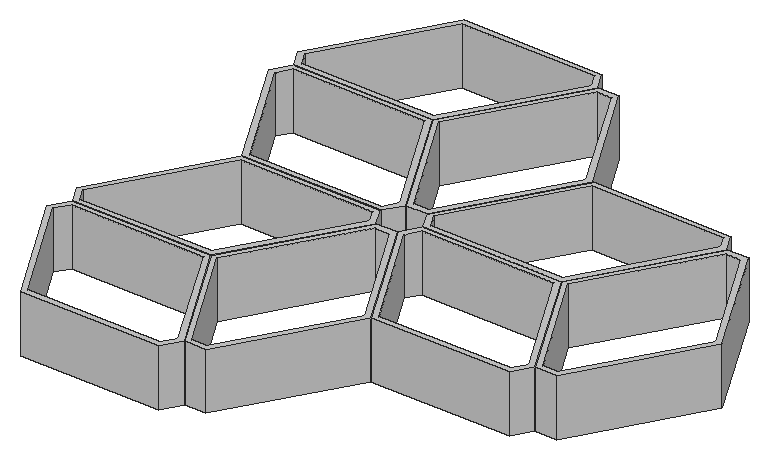
Revit family "CLD-CON-008_RTV", category Modelos genéricos, Revit 2022 (continued)
Forms (in)
  Extrusion 309, solid, not visible
    sketch origin (-26.63338, 0.00149, -1.20924) x (0, 1, 0) y (0, 0, -1)
      loop
        line (0.96881, 1.14538) -> (0.96881, -1.85462) -> (0.65631, -1.85462) -> (0.65631, -2.35462) -> (0.96881, -2.35462) -> (3.48948, -2.35462) -> (3.48948, -0.60462) -> (4.19814, -0.60462) -> (4.19814, -2.35462) -> (9.23948, -2.35462) -> (9.23948, -0.60462) -> (9.94814, -0.60462) -> (9.94814, -2.35462) -> (14.98948, -2.35462) -> (14.98948, -0.60462) -> (15.69814, -0.60462) -> (15.69814, -2.35462) -> (20.73948, -2.35462) -> (20.73948, -0.60462) -> (21.44814, -0.60462) -> (21.44814, -2.35462) -> (24.28131, -2.35462) -> (24.28131, -1.85462) -> (23.96881, -1.85462) -> (23.96881, 1.14538) -> (0.96881, 1.14538)
    from -3.96341 to -3.49097
  Extrusion 310, solid, not visible
    sketch origin (-44, 0, 0) x (1, 0, 0) y (0, 0, 1)
      loop
        line (0.96881, 0.64538) -> (0.96881, -2.35462) -> (3.48948, -2.35462) -> (3.48948, -0.60462) -> (4.19814, -0.60462) -> (4.19814, -2.35462) -> (9.23948, -2.35462) -> (9.23948, -0.60462) -> (9.94814, -0.60462) -> (9.94814, -2.35462) -> (14.98948, -2.35462) -> (14.98948, -0.60462) -> (15.69814, -0.60462) -> (15.69814, -2.35462) -> (20.73948, -2.35462) -> (20.73948, -0.60462) -> (21.44814, -0.60462) -> (21.44814, -2.35462) -> (23.96881, -2.35462) -> (23.96881, 0.64538) -> (24.28131, 0.64538) -> (24.28131, 1.14538) -> (0.65631, 1.14538) -> (0.65631, 0.64538) -> (0.96881, 0.64538)
    from -3.60908 to -3.49097
  Extrusion 311, solid, not visible
    sketch origin (-44, 0, 0) x (1, 0, 0) y (0, 0, 1)
      loop
        line (0.96881, 0.64538) -> (0.96881, -2.35462) -> (3.48948, -2.35462) -> (3.48948, -0.60462) -> (4.19814, -0.60462) -> (4.19814, -2.35462) -> (9.23948, -2.35462) -> (9.23948, -0.60462) -> (9.94814, -0.60462) -> (9.94814, -2.35462) -> (14.98948, -2.35462) -> (14.98948, -0.60462) -> (15.69814, -0.60462) -> (15.69814, -2.35462) -> (20.73948, -2.35462) -> (20.73948, -0.60462) -> (21.44814, -0.60462) -> (21.44814, -2.35462) -> (23.96881, -2.35462) -> (23.96881, 0.64538) -> (24.28131, 0.64538) -> (24.28131, 1.14538) -> (0.65631, 1.14538) -> (0.65631, 0.64538) -> (0.96881, 0.64538)
    from -4.08152 to -3.60908
  Extrusion 312, solid, not visible
    sketch origin (-44, 0, 0) x (1, 0, 0) y (0, 0, 1)
      loop
        line (0.96881, 0.64538) -> (0.96881, -2.35462) -> (3.48948, -2.35462) -> (3.48948, -0.60462) -> (4.19814, -0.60462) -> (4.19814, -2.35462) -> (9.23948, -2.35462) -> (9.23948, -0.60462) -> (9.94814, -0.60462) -> (9.94814, -2.35462) -> (14.98948, -2.35462) -> (14.98948, -0.60462) -> (15.69814, -0.60462) -> (15.69814, -2.35462) -> (20.73948, -2.35462) -> (20.73948, -0.60462) -> (21.44814, -0.60462) -> (21.44814, -2.35462) -> (23.96881, -2.35462) -> (23.96881, 0.64538) -> (24.28131, 0.64538) -> (24.28131, 1.14538) -> (0.65631, 1.14538) -> (0.65631, 0.64538) -> (0.96881, 0.64538)
    from -4.19963 to -4.08152
  Extrusion 313, solid, not visible
    sketch origin (-44.00149, 0.00149, -1.20924) x (0, 1, 0) y (0, 0, -1)
      loop
        line (0.96881, 1.14538) -> (0.96881, -1.85462) -> (0.65631, -1.85462) -> (0.65631, -2.35462) -> (0.96881, -2.35462) -> (3.48948, -2.35462) -> (3.48948, -0.60462) -> (4.19814, -0.60462) -> (4.19814, -2.35462) -> (9.23948, -2.35462) -> (9.23948, -0.60462) -> (9.94814, -0.60462) -> (9.94814, -2.35462) -> (14.98948, -2.35462) -> (14.98948, -0.60462) -> (15.69814, -0.60462) -> (15.69814, -2.35462) -> (20.73948, -2.35462) -> (20.73948, -0.60462) -> (21.44814, -0.60462) -> (21.44814, -2.35462) -> (24.28131, -2.35462) -> (24.28131, -1.85462) -> (23.96881, -1.85462) -> (23.96881, 1.14538) -> (0.96881, 1.14538)
    from -3.60908 to -3.49097
  Extrusion 314, solid, not visible
    sketch origin (-43.88338, 0.00149, -1.20924) x (0, 1, 0) y (0, 0, -1)
      loop
        line (0.96881, 1.14538) -> (0.96881, -1.85462) -> (0.65631, -1.85462) -> (0.65631, -2.35462) -> (0.96881, -2.35462) -> (3.48948, -2.35462) -> (3.48948, -0.60462) -> (4.19814, -0.60462) -> (4.19814, -2.35462) -> (9.23948, -2.35462) -> (9.23948, -0.60462) -> (9.94814, -0.60462) -> (9.94814, -2.35462) -> (14.98948, -2.35462) -> (14.98948, -0.60462) -> (15.69814, -0.60462) -> (15.69814, -2.35462) -> (20.73948, -2.35462) -> (20.73948, -0.60462) -> (21.44814, -0.60462) -> (21.44814, -2.35462) -> (24.28131, -2.35462) -> (24.28131, -1.85462) -> (23.96881, -1.85462) -> (23.96881, 1.14538) -> (0.96881, 1.14538)
    from -3.96341 to -3.49097
  Extrusion 315, solid, not visible
    sketch origin (-44.00149, 0.00149, -1.20924) x (0, 1, 0) y (0, 0, -1)
      loop
        line (0.96881, 1.14538) -> (0.96881, -1.85462) -> (0.65631, -1.85462) -> (0.65631, -2.35462) -> (0.96881, -2.35462) -> (3.48948, -2.35462) -> (3.48948, -0.60462) -> (4.19814, -0.60462) -> (4.19814, -2.35462) -> (9.23948, -2.35462) -> (9.23948, -0.60462) -> (9.94814, -0.60462) -> (9.94814, -2.35462) -> (14.98948, -2.35462) -> (14.98948, -0.60462) -> (15.69814, -0.60462) -> (15.69814, -2.35462) -> (20.73948, -2.35462) -> (20.73948, -0.60462) -> (21.44814, -0.60462) -> (21.44814, -2.35462) -> (24.28131, -2.35462) -> (24.28131, -1.85462) -> (23.96881, -1.85462) -> (23.96881, 1.14538) -> (0.96881, 1.14538)
    from -4.19963 to -4.08152
  Extrusion 316, solid, not visible
    sketch origin (-44, 0, 0) x (1, 0, 0) y (0, 0, 1)
      loop
        line (0.96881, 0.64538) -> (0.96881, -2.35462) -> (3.48948, -2.35462) -> (3.48948, -0.60462) -> (4.19814, -0.60462) -> (4.19814, -2.35462) -> (9.23948, -2.35462) -> (9.23948, -0.60462) -> (9.94814, -0.60462) -> (9.94814, -2.35462) -> (14.98948, -2.35462) -> (14.98948, -0.60462) -> (15.69814, -0.60462) -> (15.69814, -2.35462) -> (20.73948, -2.35462) -> (20.73948, -0.60462) -> (21.44814, -0.60462) -> (21.44814, -2.35462) -> (23.96881, -2.35462) -> (23.96881, 0.64538) -> (24.28131, 0.64538) -> (24.28131, 1.14538) -> (0.65631, 1.14538) -> (0.65631, 0.64538) -> (0.96881, 0.64538)
    from -9.94963 to -9.83152
  Extrusion 317, solid, not visible
    sketch origin (-44, 0, 0) x (1, 0, 0) y (0, 0, 1)
      loop
        line (0.96881, 0.64538) -> (0.96881, -2.35462) -> (3.48948, -2.35462) -> (3.48948, -0.60462) -> (4.19814, -0.60462) -> (4.19814, -2.35462) -> (9.23948, -2.35462) -> (9.23948, -0.60462) -> (9.94814, -0.60462) -> (9.94814, -2.35462) -> (14.98948, -2.35462) -> (14.98948, -0.60462) -> (15.69814, -0.60462) -> (15.69814, -2.35462) -> (20.73948, -2.35462) -> (20.73948, -0.60462) -> (21.44814, -0.60462) -> (21.44814, -2.35462) -> (23.96881, -2.35462) -> (23.96881, 0.64538) -> (24.28131, 0.64538) -> (24.28131, 1.14538) -> (0.65631, 1.14538) -> (0.65631, 0.64538) -> (0.96881, 0.64538)
    from -9.35908 to -9.24097
  Extrusion 318, solid, not visible
    sketch origin (-44, 0, 0) x (1, 0, 0) y (0, 0, 1)
      loop
        line (0.96881, 0.64538) -> (0.96881, -2.35462) -> (3.48948, -2.35462) -> (3.48948, -0.60462) -> (4.19814, -0.60462) -> (4.19814, -2.35462) -> (9.23948, -2.35462) -> (9.23948, -0.60462) -> (9.94814, -0.60462) -> (9.94814, -2.35462) -> (14.98948, -2.35462) -> (14.98948, -0.60462) -> (15.69814, -0.60462) -> (15.69814, -2.35462) -> (20.73948, -2.35462) -> (20.73948, -0.60462) -> (21.44814, -0.60462) -> (21.44814, -2.35462) -> (23.96881, -2.35462) -> (23.96881, 0.64538) -> (24.28131, 0.64538) -> (24.28131, 1.14538) -> (0.65631, 1.14538) -> (0.65631, 0.64538) -> (0.96881, 0.64538)
    from -9.83152 to -9.35908
  Extrusion 319, solid, not visible
    sketch origin (-44, 0, 0) x (1, 0, 0) y (0, 0, 1)
      loop
        line (0.96881, 0.64538) -> (0.96881, -2.35462) -> (3.48948, -2.35462) -> (3.48948, -0.60462) -> (4.19814, -0.60462) -> (4.19814, -2.35462) -> (9.23948, -2.35462) -> (9.23948, -0.60462) -> (9.94814, -0.60462) -> (9.94814, -2.35462) -> (14.98948, -2.35462) -> (14.98948, -0.60462) -> (15.69814, -0.60462) -> (15.69814, -2.35462) -> (20.73948, -2.35462) -> (20.73948, -0.60462) -> (21.44814, -0.60462) -> (21.44814, -2.35462) -> (23.96881, -2.35462) -> (23.96881, 0.64538) -> (24.28131, 0.64538) -> (24.28131, 1.14538) -> (0.65631, 1.14538) -> (0.65631, 0.64538) -> (0.96881, 0.64538)
    from -15.69963 to -15.58152
  Extrusion 320, solid, not visible
    sketch origin (-44, 0, 0) x (1, 0, 0) y (0, 0, 1)
      loop
        line (0.96881, 0.64538) -> (0.96881, -2.35462) -> (3.48948, -2.35462) -> (3.48948, -0.60462) -> (4.19814, -0.60462) -> (4.19814, -2.35462) -> (9.23948, -2.35462) -> (9.23948, -0.60462) -> (9.94814, -0.60462) -> (9.94814, -2.35462) -> (14.98948, -2.35462) -> (14.98948, -0.60462) -> (15.69814, -0.60462) -> (15.69814, -2.35462) -> (20.73948, -2.35462) -> (20.73948, -0.60462) -> (21.44814, -0.60462) -> (21.44814, -2.35462) -> (23.96881, -2.35462) -> (23.96881, 0.64538) -> (24.28131, 0.64538) -> (24.28131, 1.14538) -> (0.65631, 1.14538) -> (0.65631, 0.64538) -> (0.96881, 0.64538)
    from -15.10908 to -14.99097
  Extrusion 321, solid, not visible
    sketch origin (-44, 0, 0) x (1, 0, 0) y (0, 0, 1)
      loop
        line (0.96881, 0.64538) -> (0.96881, -2.35462) -> (3.48948, -2.35462) -> (3.48948, -0.60462) -> (4.19814, -0.60462) -> (4.19814, -2.35462) -> (9.23948, -2.35462) -> (9.23948, -0.60462) -> (9.94814, -0.60462) -> (9.94814, -2.35462) -> (14.98948, -2.35462) -> (14.98948, -0.60462) -> (15.69814, -0.60462) -> (15.69814, -2.35462) -> (20.73948, -2.35462) -> (20.73948, -0.60462) -> (21.44814, -0.60462) -> (21.44814, -2.35462) -> (23.96881, -2.35462) -> (23.96881, 0.64538) -> (24.28131, 0.64538) -> (24.28131, 1.14538) -> (0.65631, 1.14538) -> (0.65631, 0.64538) -> (0.96881, 0.64538)
    from -15.58152 to -15.10908
  Extrusion 322, solid, not visible
    sketch origin (-44, 0, 0) x (1, 0, 0) y (0, 0, 1)
      loop
        line (0.96881, 0.64538) -> (0.96881, -2.35462) -> (3.48948, -2.35462) -> (3.48948, -0.60462) -> (4.19814, -0.60462) -> (4.19814, -2.35462) -> (9.23948, -2.35462) -> (9.23948, -0.60462) -> (9.94814, -0.60462) -> (9.94814, -2.35462) -> (14.98948, -2.35462) -> (14.98948, -0.60462) -> (15.69814, -0.60462) -> (15.69814, -2.35462) -> (20.73948, -2.35462) -> (20.73948, -0.60462) -> (21.44814, -0.60462) -> (21.44814, -2.35462) -> (23.96881, -2.35462) -> (23.96881, 0.64538) -> (24.28131, 0.64538) -> (24.28131, 1.14538) -> (0.65631, 1.14538) -> (0.65631, 0.64538) -> (0.96881, 0.64538)
    from -21.44963 to -21.33152
  Extrusion 323, solid, not visible
    sketch origin (-44, 0, 0) x (1, 0, 0) y (0, 0, 1)
      loop
        line (0.96881, 0.64538) -> (0.96881, -2.35462) -> (3.48948, -2.35462) -> (3.48948, -0.60462) -> (4.19814, -0.60462) -> (4.19814, -2.35462) -> (9.23948, -2.35462) -> (9.23948, -0.60462) -> (9.94814, -0.60462) -> (9.94814, -2.35462) -> (14.98948, -2.35462) -> (14.98948, -0.60462) -> (15.69814, -0.60462) -> (15.69814, -2.35462) -> (20.73948, -2.35462) -> (20.73948, -0.60462) -> (21.44814, -0.60462) -> (21.44814, -2.35462) -> (23.96881, -2.35462) -> (23.96881, 0.64538) -> (24.28131, 0.64538) -> (24.28131, 1.14538) -> (0.65631, 1.14538) -> (0.65631, 0.64538) -> (0.96881, 0.64538)
    from -20.85908 to -20.74097
  Extrusion 324, solid, not visible
    sketch origin (-44, 0, 0) x (1, 0, 0) y (0, 0, 1)
      loop
        line (0.96881, 0.64538) -> (0.96881, -2.35462) -> (3.48948, -2.35462) -> (3.48948, -0.60462) -> (4.19814, -0.60462) -> (4.19814, -2.35462) -> (9.23948, -2.35462) -> (9.23948, -0.60462) -> (9.94814, -0.60462) -> (9.94814, -2.35462) -> (14.98948, -2.35462) -> (14.98948, -0.60462) -> (15.69814, -0.60462) -> (15.69814, -2.35462) -> (20.73948, -2.35462) -> (20.73948, -0.60462) -> (21.44814, -0.60462) -> (21.44814, -2.35462) -> (23.96881, -2.35462) -> (23.96881, 0.64538) -> (24.28131, 0.64538) -> (24.28131, 1.14538) -> (0.65631, 1.14538) -> (0.65631, 0.64538) -> (0.96881, 0.64538)
    from -21.33152 to -20.85908
  Extrusion 325, solid, not visible
    sketch origin (-38.25149, 0.00149, -1.20924) x (0, 1, 0) y (0, 0, -1)
      loop
        line (0.96881, 1.14538) -> (0.96881, -1.85462) -> (0.65631, -1.85462) -> (0.65631, -2.35462) -> (0.96881, -2.35462) -> (3.48948, -2.35462) -> (3.48948, -0.60462) -> (4.19814, -0.60462) -> (4.19814, -2.35462) -> (9.23948, -2.35462) -> (9.23948, -0.60462) -> (9.94814, -0.60462) -> (9.94814, -2.35462) -> (14.98948, -2.35462) -> (14.98948, -0.60462) -> (15.69814, -0.60462) -> (15.69814, -2.35462) -> (20.73948, -2.35462) -> (20.73948, -0.60462) -> (21.44814, -0.60462) -> (21.44814, -2.35462) -> (24.28131, -2.35462) -> (24.28131, -1.85462) -> (23.96881, -1.85462) -> (23.96881, 1.14538) -> (0.96881, 1.14538)
    from -4.19963 to -4.08152
  Extrusion 326, solid, not visible
    sketch origin (-38.84204, 0.00149, -1.20924) x (0, 1, 0) y (0, 0, -1)
      loop
        line (0.96881, 1.14538) -> (0.96881, -1.85462) -> (0.65631, -1.85462) -> (0.65631, -2.35462) -> (0.96881, -2.35462) -> (3.48948, -2.35462) -> (3.48948, -0.60462) -> (4.19814, -0.60462) -> (4.19814, -2.35462) -> (9.23948, -2.35462) -> (9.23948, -0.60462) -> (9.94814, -0.60462) -> (9.94814, -2.35462) -> (14.98948, -2.35462) -> (14.98948, -0.60462) -> (15.69814, -0.60462) -> (15.69814, -2.35462) -> (20.73948, -2.35462) -> (20.73948, -0.60462) -> (21.44814, -0.60462) -> (21.44814, -2.35462) -> (24.28131, -2.35462) -> (24.28131, -1.85462) -> (23.96881, -1.85462) -> (23.96881, 1.14538) -> (0.96881, 1.14538)
    from -4.19963 to -4.08152
  Extrusion 327, solid, not visible
    sketch origin (-32.50149, 0.00149, -1.20924) x (0, 1, 0) y (0, 0, -1)
      loop
        line (0.96881, 1.14538) -> (0.96881, -1.85462) -> (0.65631, -1.85462) -> (0.65631, -2.35462) -> (0.96881, -2.35462) -> (3.48948, -2.35462) -> (3.48948, -0.60462) -> (4.19814, -0.60462) -> (4.19814, -2.35462) -> (9.23948, -2.35462) -> (9.23948, -0.60462) -> (9.94814, -0.60462) -> (9.94814, -2.35462) -> (14.98948, -2.35462) -> (14.98948, -0.60462) -> (15.69814, -0.60462) -> (15.69814, -2.35462) -> (20.73948, -2.35462) -> (20.73948, -0.60462) -> (21.44814, -0.60462) -> (21.44814, -2.35462) -> (24.28131, -2.35462) -> (24.28131, -1.85462) -> (23.96881, -1.85462) -> (23.96881, 1.14538) -> (0.96881, 1.14538)
    from -4.19963 to -4.08152
  Extrusion 328, solid, not visible
    sketch origin (-33.09204, 0.00149, -1.20924) x (0, 1, 0) y (0, 0, -1)
      loop
        line (0.96881, 1.14538) -> (0.96881, -1.85462) -> (0.65631, -1.85462) -> (0.65631, -2.35462) -> (0.96881, -2.35462) -> (3.48948, -2.35462) -> (3.48948, -0.60462) -> (4.19814, -0.60462) -> (4.19814, -2.35462) -> (9.23948, -2.35462) -> (9.23948, -0.60462) -> (9.94814, -0.60462) -> (9.94814, -2.35462) -> (14.98948, -2.35462) -> (14.98948, -0.60462) -> (15.69814, -0.60462) -> (15.69814, -2.35462) -> (20.73948, -2.35462) -> (20.73948, -0.60462) -> (21.44814, -0.60462) -> (21.44814, -2.35462) -> (24.28131, -2.35462) -> (24.28131, -1.85462) -> (23.96881, -1.85462) -> (23.96881, 1.14538) -> (0.96881, 1.14538)
    from -4.19963 to -4.08152
  Extrusion 329, solid, not visible
    sketch origin (-27.34204, 0.00149, -1.20924) x (0, 1, 0) y (0, 0, -1)
      loop
        line (0.96881, 1.14538) -> (0.96881, -1.85462) -> (0.65631, -1.85462) -> (0.65631, -2.35462) -> (0.96881, -2.35462) -> (3.48948, -2.35462) -> (3.48948, -0.60462) -> (4.19814, -0.60462) -> (4.19814, -2.35462) -> (9.23948, -2.35462) -> (9.23948, -0.60462) -> (9.94814, -0.60462) -> (9.94814, -2.35462) -> (14.98948, -2.35462) -> (14.98948, -0.60462) -> (15.69814, -0.60462) -> (15.69814, -2.35462) -> (20.73948, -2.35462) -> (20.73948, -0.60462) -> (21.44814, -0.60462) -> (21.44814, -2.35462) -> (24.28131, -2.35462) -> (24.28131, -1.85462) -> (23.96881, -1.85462) -> (23.96881, 1.14538) -> (0.96881, 1.14538)
    from -4.19963 to -4.08152
  Extrusion 330, solid, not visible
    sketch origin (-26.75149, 0.00149, -1.20924) x (0, 1, 0) y (0, 0, -1)
      loop
        line (0.96881, 1.14538) -> (0.96881, -1.85462) -> (0.65631, -1.85462) -> (0.65631, -2.35462) -> (0.96881, -2.35462) -> (3.48948, -2.35462) -> (3.48948, -0.60462) -> (4.19814, -0.60462) -> (4.19814, -2.35462) -> (9.23948, -2.35462) -> (9.23948, -0.60462) -> (9.94814, -0.60462) -> (9.94814, -2.35462) -> (14.98948, -2.35462) -> (14.98948, -0.60462) -> (15.69814, -0.60462) -> (15.69814, -2.35462) -> (20.73948, -2.35462) -> (20.73948, -0.60462) -> (21.44814, -0.60462) -> (21.44814, -2.35462) -> (24.28131, -2.35462) -> (24.28131, -1.85462) -> (23.96881, -1.85462) -> (23.96881, 1.14538) -> (0.96881, 1.14538)
    from -4.19963 to -4.08152
  Extrusion 331, solid, not visible
    sketch origin (-38.13338, 0.00149, -1.20924) x (0, 1, 0) y (0, 0, -1)
      loop
        line (0.96881, 1.14538) -> (0.96881, -1.85462) -> (0.65631, -1.85462) -> (0.65631, -2.35462) -> (0.96881, -2.35462) -> (3.48948, -2.35462) -> (3.48948, -0.60462) -> (4.19814, -0.60462) -> (4.19814, -2.35462) -> (9.23948, -2.35462) -> (9.23948, -0.60462) -> (9.94814, -0.60462) -> (9.94814, -2.35462) -> (14.98948, -2.35462) -> (14.98948, -0.60462) -> (15.69814, -0.60462) -> (15.69814, -2.35462) -> (20.73948, -2.35462) -> (20.73948, -0.60462) -> (21.44814, -0.60462) -> (21.44814, -2.35462) -> (24.28131, -2.35462) -> (24.28131, -1.85462) -> (23.96881, -1.85462) -> (23.96881, 1.14538) -> (0.96881, 1.14538)
    from -3.96341 to -3.49097
  Extrusion 332, solid, not visible
    sketch origin (-32.38338, 0.00149, -1.20924) x (0, 1, 0) y (0, 0, -1)
      loop
        line (0.96881, 1.14538) -> (0.96881, -1.85462) -> (0.65631, -1.85462) -> (0.65631, -2.35462) -> (0.96881, -2.35462) -> (3.48948, -2.35462) -> (3.48948, -0.60462) -> (4.19814, -0.60462) -> (4.19814, -2.35462) -> (9.23948, -2.35462) -> (9.23948, -0.60462) -> (9.94814, -0.60462) -> (9.94814, -2.35462) -> (14.98948, -2.35462) -> (14.98948, -0.60462) -> (15.69814, -0.60462) -> (15.69814, -2.35462) -> (20.73948, -2.35462) -> (20.73948, -0.60462) -> (21.44814, -0.60462) -> (21.44814, -2.35462) -> (24.28131, -2.35462) -> (24.28131, -1.85462) -> (23.96881, -1.85462) -> (23.96881, 1.14538) -> (0.96881, 1.14538)
    from -3.96341 to -3.49097
  Extrusion 333, solid, not visible
    sketch origin (-26.63338, 0.00149, -1.20924) x (0, 1, 0) y (0, 0, -1)
      loop
        line (0.96881, 1.14538) -> (0.96881, -1.85462) -> (0.65631, -1.85462) -> (0.65631, -2.35462) -> (0.96881, -2.35462) -> (3.48948, -2.35462) -> (3.48948, -0.60462) -> (4.19814, -0.60462) -> (4.19814, -2.35462) -> (9.23948, -2.35462) -> (9.23948, -0.60462) -> (9.94814, -0.60462) -> (9.94814, -2.35462) -> (14.98948, -2.35462) -> (14.98948, -0.60462) -> (15.69814, -0.60462) -> (15.69814, -2.35462) -> (20.73948, -2.35462) -> (20.73948, -0.60462) -> (21.44814, -0.60462) -> (21.44814, -2.35462) -> (24.28131, -2.35462) -> (24.28131, -1.85462) -> (23.96881, -1.85462) -> (23.96881, 1.14538) -> (0.96881, 1.14538)
    from -3.96341 to -3.49097
  Extrusion 334, solid, not visible
    sketch origin (0, 0, 0) x (1, 0, 0) y (0, 1, 0)
      loop
        line (0, 0.11811) -> (0, 0) -> (48, 0) -> (48, 0.11811) -> (0, 0.11811)
    from 0 to 108
  Extrusion 335, solid, not visible
    sketch origin (0, 0, 0) x (1, 0, 0) y (0, 1, 0)
      loop
        line (0, 0.59055) -> (0, 0.11811) -> (48, 0.11811) -> (48, 0.59055) -> (0, 0.59055)
    from 0 to 108
  Extrusion 336, solid
    sketch origin (20.06218, -10.5, 0) x (0.5, 0.866025, 0) y (-0.866025, 0.5, 0)
      loop
        line (26.12436, 24.24871) -> (1.87564, 24.24871) -> (0, 21) -> (12.12436, 0) -> (36.37307, 0) -> (38.24871, 3.24871) -> (26.12436, 24.24871)
      loop
        line (35.82754, 0.94488) -> (37.15766, 3.24871) -> (25.57883, 23.30383) -> (2.42117, 23.30383) -> (1.09106, 21) -> (12.66988, 0.94488) -> (35.82754, 0.94488)
    from 0 to 10
  Extrusion 337, solid
    sketch origin (18.18653, 13.74871, 0) x (-0.5, 0.866025, 0) y (-0.866025, -0.5, 0)
      loop
        line (26.12436, 24.24871) -> (1.87564, 24.24871) -> (0, 21) -> (12.12436, 0) -> (36.37307, 0) -> (38.24871, 3.24871) -> (26.12436, 24.24871)
      loop
        line (35.82754, 0.94488) -> (37.15766, 3.24871) -> (25.57883, 23.30383) -> (2.42117, 23.30383) -> (1.09106, 21) -> (12.66988, 0.94488) -> (35.82754, 0.94488)
    from 0 to 10
  Extrusion 338, solid
    sketch origin (-23.81347, -10.5, 0) x (-0.5, 0.866025, 0) y (-0.866025, -0.5, 0)
      loop
        line (26.12436, -24.24871) -> (38.24871, -3.24871) -> (36.37307, 0) -> (12.12436, 0) -> (0, -21) -> (1.87564, -24.24871) -> (26.12436, -24.24871)
      loop
        line (35.82754, -0.94488) -> (12.66988, -0.94488) -> (1.09106, -21) -> (2.42117, -23.30383) -> (25.57883, -23.30383) -> (37.15766, -3.24871) -> (35.82754, -0.94488)
    from 0 to 10
  Extrusion 339, solid
    sketch origin (20.06218, 10.5, 0) x (0.5, -0.866025, 0) y (0.866025, 0.5, 0)
      loop
        line (26.12436, -24.24871) -> (38.24871, -3.24871) -> (36.37307, 0) -> (12.12436, 0) -> (0, -21) -> (1.87564, -24.24871) -> (26.12436, -24.24871)
      loop
        line (35.82754, -0.94488) -> (12.66988, -0.94488) -> (1.09106, -21) -> (2.42117, -23.30383) -> (25.57883, -23.30383) -> (37.15766, -3.24871) -> (35.82754, -0.94488)
    from 0 to 10
  Extrusion 340, solid
    sketch origin (18.18653, -13.74871, 0) x (-0.5, -0.866025, 0) y (0.866025, -0.5, 0)
      loop
        line (26.12436, -24.24871) -> (38.24871, -3.24871) -> (36.37307, 0) -> (12.12436, 0) -> (0, -21) -> (1.87564, -24.24871) -> (26.12436, -24.24871)
      loop
        line (35.82754, -0.94488) -> (12.66988, -0.94488) -> (1.09106, -21) -> (2.42117, -23.30383) -> (25.57883, -23.30383) -> (37.15766, -3.24871) -> (35.82754, -0.94488)
    from 0 to 10
  Extrusion 341, solid
    sketch origin (-23.81347, 10.5, 0) x (-0.5, -0.866025, 0) y (0.866025, -0.5, 0)
      loop
        line (26.12436, 24.24871) -> (1.87564, 24.24871) -> (0, 21) -> (12.12436, 0) -> (36.37307, 0) -> (38.24871, 3.24871) -> (26.12436, 24.24871)
      loop
        line (35.82754, 0.94488) -> (37.15766, 3.24871) -> (25.57883, 23.30383) -> (2.42117, 23.30383) -> (1.09106, 21) -> (12.66988, 0.94488) -> (35.82754, 0.94488)
    from 0 to 10
  Extrusion 342, solid
    sketch origin (-21.93782, 13.74871, 0) x (0.5, 0.866025, 0) y (-0.866025, 0.5, 0)
      loop
        line (26.12436, 24.24871) -> (1.87564, 24.24871) -> (0, 21) -> (12.12436, 0) -> (36.37307, 0) -> (38.24871, 3.24871) -> (26.12436, 24.24871)
      loop
        line (35.82754, 0.94488) -> (37.15766, 3.24871) -> (25.57883, 23.30383) -> (2.42117, 23.30383) -> (1.09106, 21) -> (12.66988, 0.94488) -> (35.82754, 0.94488)
    from 0 to 10
  Extrusion 343, solid
    sketch origin (-21.94005, -13.75, 0) x (0.5, -0.866025, 0) y (0.866025, 0.5, 0)
      loop
        line (26.12436, -24.24871) -> (38.24871, -3.24871) -> (36.37307, 0) -> (12.12436, 0) -> (0, -21) -> (1.87564, -24.24871) -> (26.12436, -24.24871)
      loop
        line (35.82754, -0.94488) -> (12.66988, -0.94488) -> (1.09106, -21) -> (2.42117, -23.30383) -> (25.57883, -23.30383) -> (37.15766, -3.24871) -> (35.82754, -0.94488)
    from 0 to 10
  Extrusion 344, solid
    sketch origin (60.18877, 10.50129, 0) x (-0.5, -0.866025, 0) y (0.866025, -0.5, 0)
      loop
        line (26.12436, -24.24871) -> (38.24871, -3.24871) -> (36.37307, 0) -> (12.12436, 0) -> (0, -21) -> (1.87564, -24.24871) -> (26.12436, -24.24871)
      loop
        line (35.82754, -0.94488) -> (12.66988, -0.94488) -> (1.09106, -21) -> (2.42117, -23.30383) -> (25.57883, -23.30383) -> (37.15766, -3.24871) -> (35.82754, -0.94488)
    from 0 to 10
  Extrusion 345, solid, not visible
    sketch origin (20.06218, -10.5, 0) x (0.5, 0.866025, 0) y (-0.866025, 0.5, 0)
      loop
        line (26.12436, 24.24871) -> (1.87564, 24.24871) -> (0, 21) -> (12.12436, 0) -> (36.37307, 0) -> (38.24871, 3.24871) -> (26.12436, 24.24871)
      loop
        line (35.82754, 0.94488) -> (37.15766, 3.24871) -> (25.57883, 23.30383) -> (2.42117, 23.30383) -> (1.09106, 21) -> (12.66988, 0.94488) -> (35.82754, 0.94488)
    from 0 to 10
  Extrusion 346, solid, not visible
    sketch origin (18.18653, 13.74871, 0) x (-0.5, 0.866025, 0) y (-0.866025, -0.5, 0)
      loop
        line (26.12436, 24.24871) -> (1.87564, 24.24871) -> (0, 21) -> (12.12436, 0) -> (36.37307, 0) -> (38.24871, 3.24871) -> (26.12436, 24.24871)
      loop
        line (35.82754, 0.94488) -> (37.15766, 3.24871) -> (25.57883, 23.30383) -> (2.42117, 23.30383) -> (1.09106, 21) -> (12.66988, 0.94488) -> (35.82754, 0.94488)
    from 0 to 10
  Extrusion 347, solid, not visible
    sketch origin (-23.81347, -10.5, 0) x (-0.5, 0.866025, 0) y (-0.866025, -0.5, 0)
      loop
        line (26.12436, -24.24871) -> (38.24871, -3.24871) -> (36.37307, 0) -> (12.12436, 0) -> (0, -21) -> (1.87564, -24.24871) -> (26.12436, -24.24871)
      loop
        line (35.82754, -0.94488) -> (12.66988, -0.94488) -> (1.09106, -21) -> (2.42117, -23.30383) -> (25.57883, -23.30383) -> (37.15766, -3.24871) -> (35.82754, -0.94488)
    from 0 to 10
  Extrusion 348, solid, not visible
    sketch origin (20.06218, 10.5, 0) x (0.5, -0.866025, 0) y (0.866025, 0.5, 0)
      loop
        line (26.12436, -24.24871) -> (38.24871, -3.24871) -> (36.37307, 0) -> (12.12436, 0) -> (0, -21) -> (1.87564, -24.24871) -> (26.12436, -24.24871)
      loop
        line (35.82754, -0.94488) -> (12.66988, -0.94488) -> (1.09106, -21) -> (2.42117, -23.30383) -> (25.57883, -23.30383) -> (37.15766, -3.24871) -> (35.82754, -0.94488)
    from 0 to 10
  Extrusion 349, solid, not visible
    sketch origin (18.18653, -13.74871, 0) x (-0.5, -0.866025, 0) y (0.866025, -0.5, 0)
      loop
        line (26.12436, -24.24871) -> (38.24871, -3.24871) -> (36.37307, 0) -> (12.12436, 0) -> (0, -21) -> (1.87564, -24.24871) -> (26.12436, -24.24871)
      loop
        line (35.82754, -0.94488) -> (12.66988, -0.94488) -> (1.09106, -21) -> (2.42117, -23.30383) -> (25.57883, -23.30383) -> (37.15766, -3.24871) -> (35.82754, -0.94488)
    from 0 to 10
  Extrusion 350, solid, not visible
    sketch origin (-23.81347, 10.5, 0) x (-0.5, -0.866025, 0) y (0.866025, -0.5, 0)
      loop
        line (26.12436, 24.24871) -> (1.87564, 24.24871) -> (0, 21) -> (12.12436, 0) -> (36.37307, 0) -> (38.24871, 3.24871) -> (26.12436, 24.24871)
      loop
        line (35.82754, 0.94488) -> (37.15766, 3.24871) -> (25.57883, 23.30383) -> (2.42117, 23.30383) -> (1.09106, 21) -> (12.66988, 0.94488) -> (35.82754, 0.94488)
    from 0 to 10
  Extrusion 351, solid, not visible
    sketch origin (-21.93782, 13.74871, 0) x (0.5, 0.866025, 0) y (-0.866025, 0.5, 0)
      loop
        line (26.12436, 24.24871) -> (1.87564, 24.24871) -> (0, 21) -> (12.12436, 0) -> (36.37307, 0) -> (38.24871, 3.24871) -> (26.12436, 24.24871)
      loop
        line (35.82754, 0.94488) -> (37.15766, 3.24871) -> (25.57883, 23.30383) -> (2.42117, 23.30383) -> (1.09106, 21) -> (12.66988, 0.94488) -> (35.82754, 0.94488)
    from 0 to 10
  Extrusion 352, solid, not visible
    sketch origin (-21.94005, -13.75, 0) x (0.5, -0.866025, 0) y (0.866025, 0.5, 0)
      loop
        line (26.12436, -24.24871) -> (38.24871, -3.24871) -> (36.37307, 0) -> (12.12436, 0) -> (0, -21) -> (1.87564, -24.24871) -> (26.12436, -24.24871)
      loop
        line (35.82754, -0.94488) -> (12.66988, -0.94488) -> (1.09106, -21) -> (2.42117, -23.30383) -> (25.57883, -23.30383) -> (37.15766, -3.24871) -> (35.82754, -0.94488)
    from 0 to 10
  Extrusion 353, solid, not visible
    sketch origin (60.18877, 10.50129, 0) x (-0.5, -0.866025, 0) y (0.866025, -0.5, 0)
      loop
        line (26.12436, -24.24871) -> (38.24871, -3.24871) -> (36.37307, 0) -> (12.12436, 0) -> (0, -21) -> (1.87564, -24.24871) -> (26.12436, -24.24871)
      loop
        line (35.82754, -0.94488) -> (12.66988, -0.94488) -> (1.09106, -21) -> (2.42117, -23.30383) -> (25.57883, -23.30383) -> (37.15766, -3.24871) -> (35.82754, -0.94488)
    from 0 to 10
Dimensions and locks (in)
  aligned and locked: level to plane 2
